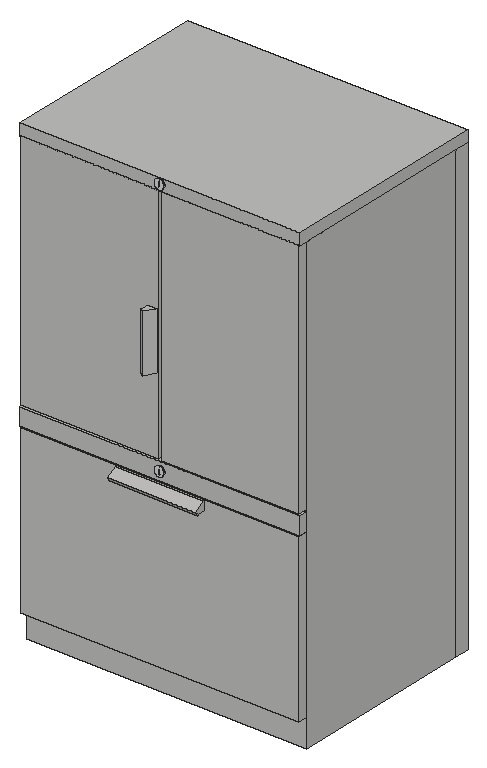
Revit family "Storage-Teknion-PLCS_Combo_Cabinet_Standard-R2015", category Furniture, Revit 2015
Parameters (values of type "Freestanding Three - High")
  Width [instance] = 24.0000"
  Warranty = "http://www.teknion.com/ca/papers/legal-canada"
  Unit Weight URL = "http://www.teknion.com/ca/tools/assets#&asset=bee6a381-b954-425e-8283-5a2de3a804f2,f828d448-4b62-4231-9e5f-9a8991c0ed77"
  URL = "www.teknion.com"
  Top Interpret Handle Datum [instance] = if(and(Drawer Combination Choice, Three High Configuration), 24.3185", if(and(not(Drawer Combination Choice), Three High Configuration), 25.6185", if(and(Drawer Combination Choice, not(Three High Configuration)), 33.6273", 36.0185")))  # 25.6185"
  Top District Handle Datum [instance] = if(and(Drawer Combination Choice, Three High Configuration), 23.6000", if(and(not(Drawer Combination Choice), Three High Configuration), 24.9000", if(and(Drawer Combination Choice, not(Three High Configuration)), 32.9010", 35.3000")))  # 24.9000"
  Lock Finish = Stainless Steel, Polished
  Interpret Handle Cutout 2 [instance] = if(and(Has Interpret Handle Style, Four High Configuration), 12.0000", 1.0000")  # 1.0000"
  Interpret Handle Cutout [instance] = if(Has Interpret Handle Style, 12.0000", 1.0000")  # 1.0000"
  Height = if(Three High Configuration, 40.0000", 48.0000")  # 40.0000"
  Has Interpret Handle Style [instance] = not(Has District Handle Style)  # no
  Has District Handle Style [instance] = yes
  Handle Interior Finish [instance] = Paint - Teknion - Accent - Mineral Teal
  Handle Exterior Finish [instance] = Paint - Teknion - Foundation - Crisp Grey
  Front Finish [instance] = Paint - Teknion - Foundation - Crisp Grey
  Drawer Split Length [instance] = if(Three High Configuration, 10.0000", if(Drawer Combination Choice, 11.2680", 12.9340"))  # 10.0000"
  Drawer Combination [instance] = if(and(Drawer Combination Choice, Three High Configuration), "File", if(and(not(Drawer Combination Choice), Three High Configuration), "Extra Large File", if(and(Drawer Combination Choice, not(Three High Configuration)), "File, File", "Large File, Extra Large File")))  # "Extra Large File"
  District Bottom Handle [instance] = and(Has District Handle Style, Four High Configuration)  # no
  Description = "Combo Cabinets - Standard Freestanding Three High"
  Combination Divider Height [instance] = if(and(Drawer Combination Choice, Three High Configuration), 14.9560", if(and(not(Drawer Combination Choice), Three High Configuration), 18.2000", if(and(Drawer Combination Choice, not(Three High Configuration)), 26.0900", 31.0000")))  # 18.2000"
  Case Finish [instance] = Paint - Teknion - Foundation - Crisp Grey
  Available Widths [instance] = "24, 30, 36, & 42 Inches."  # constant formula
  Four High Configuration = not(Three High Configuration)  # no
  Three High Configuration = yes
  Sustainability Data = "http://www.teknion.com/ca/tools/assets#&topic=216f99a5-57a0-44fc-b10a-9dee9b29ae4c&asset=444deb64-fe58-4b68-981e-f75e97781df7"
  Series = "Ledger Plus"  # constant formula
  Interpret Bottom Handle [instance] = and(not(Has District Handle Style), Four High Configuration)  # no
  Product Page URL = "http://www.teknion.com/ca/products/product-details?productlineid=1293336e-8e7a-673b-a6c8-ff00004460c4"
  Product Line = "Filing and Storage"  # constant formula
  Product Documentation Link = "http://www.teknion.com/pricing/filing-storage/pdfs/PLCS_ppg.pdf"
  Part Number = "PLCS"  # constant formula
  Model = "PLCSF3_"
  Manufacturer Phone = "416-661-3370"  # constant formula
  Manufacturer Fax = "416.661.4586"  # constant formula
  Manufacturer Contact Information = "http://www.teknion.com/ca/contactus"
  Manufacturer Address = "1150 Flint Road, Toronto, ON. M3J 2J5. Canada"  # constant formula
  Manufacturer = "Teknion"  # constant formula
  Drawer Combination Choice [instance] = no
  Depth [instance] = 18.0000"
  Available Depths [instance] = "18 & 20 Inches."  # constant formula
  Available Drawer Combination [instance] = if(Three High Configuration, "[checked]=File [un-checked]= Extra Large File", "[checked]=File, File  [un-checked]=Large File, Extra Large File")  # "[checked]=File [un-checked]= Extra Large File"
  Assembly Code = "E2020200"
Types (4): name | Width | Top Interpret Handle Datum | Top District Handle Datum | Height | Drawer Split Length | Drawer Combination | District Bottom Handle | Description | Combination Divider Height | Four High Configuration | Three High Configuration | Model | Drawer Combination Choice | Depth | Available Drawer Combination
  (no name) | 24.0000" | 25.6185" | 24.9000" | 40.0000" | 10.0000" | "Extra Large File" | no | "Combo Cabinets - Standard Freestanding Three High" | 18.2000" | no | yes | "PLCSF3_" | no | 18.0000" | "[checked]=File [un-checked]= Extra Large File"
  Freestanding Three - High | 24.0000" | 25.6185" | 24.9000" | 40.0000" | 10.0000" | "Extra Large File" | no | "Combo Cabinets - Standard Freestanding Three High" | 18.2000" | no | yes | "PLCSF3_" | no | 18.0000" | "[checked]=File [un-checked]= Extra Large File"
  Worksurface and Storage Supporting Three - High | 24.0000" | 24.3185" | 23.6000" | 40.0000" | 10.0000" | "File" | no | "Combo Cabinets - Standard Supporting Three High" | 14.9560" | no | yes | "PLCSW4_" | yes | 18.0000" | "[checked]=File [un-checked]= Extra Large File"
  Freestanding Four - High | 42.0000" | 36.0185" | 35.3000" | 48.0000" | 12.9340" | "Large File, Extra Large File" | yes | "Combo Cabinets - Standard Freestanding Four High" | 31.0000" | yes | no | "PLCSF4_" | no | 20.0000" | "[checked]=File, File  [un-checked]=Large File, Extra Large File"
Reference planes (in)
  plane 1 "Center Front/Back": y = 0
  plane 2: z = 0
  plane 3 "Center Left/Right": x = 0
  plane 4 "Left": x = -12
  plane 5 "Right": x = 12
  plane 6 "Back": y = 9
  plane 7 "Front": y = -9
  plane 8 "Top": z = 40
  plane 9 "Back Pannel Depth": y = 7.73
  plane 10 "Top Pannel Depth": z = 39
  plane 11 "Drawer Depth": y = -8.284
  plane 12 "Combination Divider Height": z = 18.2
  plane 13 "Combination Divider Depth": z = 16.7
  plane 14 "Void Space Cutout": z = 2.322
  plane 15 "Main Body Left Side Depth": x = -11.25
  plane 16 "Main Body Right Side Depth": x = 11.25
  plane 17 "Mid Drawer Split": z = 6.7
  plane 18 "Drawer Gap": z = 16.566
  plane 19 "Top District Handle Datum": z = 24.9
  plane 20 "Interpret Handle Cut Plane": y = -12
  plane 21 "Top Interpret Handle Datum": z = 25.6185
Forms (in)
  Extrusion 1, solid, material "Paint - Teknion - Foundation - Crisp Grey" <- "Case Finish"
    sketch origin (0, 0, 0) x (1, 0, 0) y (0, 1, 0)
      loop
        line (-12, 9) -> (-12, 7.73) -> (12, 7.73) -> (12, 9) -> (-12, 9)
    from 0 to 39
  Extrusion 2, solid, material "Paint - Teknion - Foundation - Crisp Grey" <- "Case Finish"
    sketch origin (0, 0, 0) x (1, 0, 0) y (0, 1, 0)
      loop
        line (-12, 7.73) -> (-12, -8.284) -> (12, -8.284) -> (12, 7.73) -> (-12, 7.73)
    from 0 to 39
  Extrusion 3, void
    sketch origin (0, 0, 2.322) x (-1, 0, 0) y (0, -1, 0)
      loop
        line (11.25, -7.73) -> (11.25, 8.284) -> (-11.25, 8.284) -> (-11.25, -7.73) -> (11.25, -7.73)
    from 0 to 36.678
  Extrusion 4, solid, material "Paint - Teknion - Foundation - Crisp Grey" <- "Case Finish"
    sketch origin (0, 0, 39) x (-1, 0, 0) y (0, -1, 0)
      loop
        line (12, -9) -> (12, 9) -> (-12, 9) -> (-12, -9) -> (12, -9)
    from 0 to 1
  Extrusion 5, solid, material "Paint - Teknion - Foundation - Crisp Grey" <- "Case Finish"
    sketch origin (0, 0, 16.7) x (-1, 0, 0) y (0, -1, 0)
      loop
        line (12, 8.284) -> (12, 9) -> (-12, 9) -> (-12, 8.284) -> (12, 8.284)
    from 0 to 1.5
  Extrusion 6, solid, material "Paint - Teknion - Foundation - Crisp Grey" <- "Front Finish"
    sketch origin (0, 0, 18.2) x (-1, 0, 0) y (0, -1, 0)
      loop
        line (11.9375, 8.284) -> (11.9375, 9) -> (0.125, 9) -> (0.125, 8.284) -> (11.9375, 8.284)
    from 0.1 to 20.8
  Extrusion 7, solid, material "Paint - Teknion - Foundation - Crisp Grey" <- "Front Finish"
    sketch origin (0, 0, 18.2) x (-1, 0, 0) y (0, -1, 0)
      loop
        line (-0.125, 8.284) -> (-0.125, 9) -> (-11.9375, 9) -> (-11.9375, 8.284) -> (-0.125, 8.284)
    from 0.1 to 20.8
  Extrusion 8, solid, material "Paint - Teknion - Foundation - Crisp Grey" <- "Front Finish", visible <- "Four High Configuration"
    sketch origin (0, 0, 2.322) x (-1, 0, 0) y (0, -1, 0)
      loop
        line (11.9375, 8.284) -> (11.9375, 9) -> (-11.9375, 9) -> (-11.9375, 8.284) -> (11.9375, 8.284)
    from 0 to 4.378
  Extrusion 9, solid, material "Paint - Teknion - Foundation - Crisp Grey" <- "Front Finish", visible <- "Four High Configuration"
    sketch origin (0, 0, 6.7) x (-1, 0, 0) y (0, -1, 0)
      loop
        line (11.9375, 8.284) -> (11.9375, 9) -> (-11.9375, 9) -> (-11.9375, 8.284) -> (11.9375, 8.284)
    from 0.134 to 9.866
  Extrusion 10, solid, material "Paint - Teknion - Foundation - Crisp Grey" <- "Front Finish", visible <- "Three High Configuration"
    sketch origin (0, 1, 2.322) x (-1, 0, 0) y (0, -1, 0)
      loop
        line (11.9375, 9.284) -> (11.9375, 10) -> (-11.9375, 10) -> (-11.9375, 9.284) -> (11.9375, 9.284)
    from 0 to 14.244
  Extrusion 11, solid, material "Paint - Teknion - Foundation - Crisp Grey" <- "Handle Exterior Finish", visible <- "Has District Handle Style"
    sketch origin (-0.1155, 0, 24.9) x (-1, 0, 0) y (0, -1, 0)
      loop
        line (0.55801, 9) -> (0.87021, 9)
        arc (0.87021, 9) -> (0.85036, 9.34625) -> (0.94976, 9.67853) r 1.00175
        line (0.94976, 9.67853) -> (0.625, 9.86603) -> (0.125, 9) -> (0.55801, 9)
    from 0 to 4.9546
  Extrusion 12, solid, material "Paint - Teknion - Foundation - Crisp Grey" <- "Handle Exterior Finish", visible <- "Has District Handle Style"
    sketch origin (0, 0.17124, 0.03449) x (0, 1, 0) y (0, 0, 1)
      loop
        line (-9.17124, 15.983) -> (-9.17124, 16.41601) -> (-10.03726, 15.91601) -> (-9.84976, 15.59125)
        arc (-9.84976, 15.59125) -> (-9.51749, 15.69065) -> (-9.17124, 15.6708) r 1.00175
        line (-9.17124, 15.6708) -> (-9.17124, 15.983)
    from -3.767 to 3.767
  Extrusion 13, void
    sketch origin (0, -12, 0) x (-1, 0, 0) y (0, 0, 1)
      loop
        line (0.125, 25.6185) -> (1.54, 25.6185)
        arc (1.54, 25.6185) -> (1.68142, 25.67708) -> (1.74, 25.8185) r 0.2
        line (1.74, 25.8185) -> (1.74, 31.4815)
        arc (1.74, 31.4815) -> (1.68142, 31.62292) -> (1.54, 31.6815) r 0.2
        line (1.54, 31.6815) -> (0.125, 31.6815) -> (0.125, 25.6185)
    from 0 to 1 <- "Interpret Handle Cutout"
  Extrusion 14, void
    sketch origin (0, -12, 0) x (-1, 0, 0) y (0, 0, 1)
      loop
        line (4.5315, 16.566) -> (-4.5315, 16.566) -> (-4.5315, 15.4185)
        arc (-4.5315, 15.4185) -> (-4.39457, 15.08793) -> (-4.064, 14.951) r 0.4675
        line (-4.064, 14.951) -> (4.064, 14.951)
        arc (4.064, 14.951) -> (4.39457, 15.08793) -> (4.5315, 15.4185) r 0.4675
        line (4.5315, 15.4185) -> (4.5315, 16.566)
    from 0 to 1 <- "Interpret Handle Cutout"
  Extrusion 15, void
    sketch origin (0, -12, 0) x (-1, 0, 0) y (0, 0, 1)
      loop
        line (4.5315, 6.7) -> (-4.5315, 6.7) -> (-4.5315, 5.5525)
        arc (-4.5315, 5.5525) -> (-4.39457, 5.22193) -> (-4.064, 5.085) r 0.4675
        line (-4.064, 5.085) -> (4.064, 5.085)
        arc (4.064, 5.085) -> (4.39457, 5.22193) -> (4.5315, 5.5525) r 0.4675
        line (4.5315, 5.5525) -> (4.5315, 6.7)
    from 0 to 1 <- "Interpret Handle Cutout 2"
  Extrusion 16, solid, material "Paint - Teknion - Foundation - Crisp Grey" <- "Handle Exterior Finish", visible <- "District Bottom Handle"
    sketch origin (0, 0, 0) x (0, 1, 0) y (0, 0, 1)
      loop
        line (-9, 6.15149) -> (-9, 6.5845) -> (-9.86603, 6.0845) -> (-9.67853, 5.75974)
        arc (-9.67853, 5.75974) -> (-9.34625, 5.85914) -> (-9, 5.83929) r 1.00175
        line (-9, 5.83929) -> (-9, 6.15149)
    from -3.767 to 3.767
  Extrusion 17, solid
    sketch origin (0, -9, 0) x (-1, 0, 0) y (0, 0, -1)
      loop
        circle (0, -39.53566) r 0.4
      loop
        line (0.06269, -39.75583) -> (0.06269, -39.31548) -> (-0.06269, -39.31548) -> (-0.06269, -39.75583) -> (0.06269, -39.75583)
    from 0 to 0.1
  Extrusion 18, solid, material "Paint - Teknion - Foundation - Crisp Grey" <- "Handle Exterior Finish", visible <- "Has Interpret Handle Style"
    sketch origin (0, -9, 0) x (-1, 0, 0) y (0, 0, -1)
      loop
        arc (1.5394, -31.768) -> (1.74199, -31.68409) -> (1.8259, -31.4815) r 0.2865
        line (1.8259, -31.4815) -> (1.8259, -25.8185)
        arc (1.8259, -25.8185) -> (1.74199, -25.61591) -> (1.5394, -25.532) r 0.2865
        line (1.5394, -25.532) -> (0.0764, -25.532) -> (0.0764, -31.768) -> (1.5394, -31.768)
    from 0 to 0.044
  Extrusion 19, solid, material "Paint - Teknion - Foundation - Crisp Grey" <- "Handle Exterior Finish", visible <- "Has Interpret Handle Style"
    sketch origin (0, -9, 0) x (-1, 0, 0) y (0, 0, -1)
      loop
        line (0.0764, -25.532) -> (0.0764, -31.768) -> (0.125, -31.768) -> (0.125, -31.6815) -> (1.54, -31.6815)
        arc (1.54, -31.6815) -> (1.68142, -31.62292) -> (1.74, -31.4815) r 0.2
        line (1.74, -31.4815) -> (1.74, -25.8185)
        arc (1.74, -25.8185) -> (1.68142, -25.67708) -> (1.54, -25.6185) r 0.2
        line (1.54, -25.6185) -> (0.125, -25.6185) -> (0.125, -25.532) -> (0.0764, -25.532)
    from -0.716 to 0
  Extrusion 20, void
    sketch origin (0, 0, 25.6185) x (-1, 0, 0) y (0, -1, 0)
      loop
        line (1.67595, 9.0621) -> (0.47224, 9.0621)
        arc (0.47224, 9.0621) -> (0.48921, 9.05337) -> (0.49198, 9.03449) r 0.02086
        line (0.49198, 9.03449) -> (0.49289, 8.93056) -> (0.46938, 8.89006) -> (0.43191, 8.8817) -> (0.39947, 8.86336) -> (0.35741, 8.81742) -> (0.30104, 8.72802) -> (0.26446, 8.59658) -> (0.26175, 8.37491) -> (1.59006, 8.37491) -> (1.58794, 8.57677) -> (1.58425, 8.62418) -> (1.56265, 8.69969) -> (1.52698, 8.77268) -> (1.48608, 8.82757) -> (1.44235, 8.87066) -> (1.40898, 8.8848) -> (1.36123, 8.91731) -> (1.3573, 8.94835) -> (1.39092, 8.97581) -> (1.67595, 9.0621)
    from 0.412 to 5.651
  Extrusion 21, solid, material "Paint - Teknion - Foundation - Crisp Grey" <- "Handle Exterior Finish", visible <- "Has Interpret Handle Style"
    sketch origin (0, -9, 0) x (-1, 0, 0) y (0, 0, -1)
      loop
        arc (4.618, -15.25893) -> (4.50265, -14.98045) -> (4.22417, -14.8651) r 0.39383
        line (4.22417, -14.8651) -> (-4.12448, -14.8651)
        arc (-4.12448, -14.8651) -> (-4.47345, -15.00965) -> (-4.618, -15.35862) r 0.49352
        line (-4.618, -15.35862) -> (-4.618, -16.6146) -> (4.618, -16.6146) -> (4.618, -15.25893)
    from 0 to 0.044
  Extrusion 22, solid, material "Paint - Teknion - Foundation - Crisp Grey" <- "Handle Exterior Finish", visible <- "Has Interpret Handle Style"
    sketch origin (0, -9, 0) x (-1, 0, 0) y (0, 0, -1)
      loop
        line (4.5315, -16.566) -> (4.5315, -15.4185)
        arc (4.5315, -15.4185) -> (4.39457, -15.08793) -> (4.064, -14.951) r 0.4675
        line (4.064, -14.951) -> (-4.064, -14.951)
        arc (-4.064, -14.951) -> (-4.39457, -15.08793) -> (-4.5315, -15.4185) r 0.4675
        line (-4.5315, -15.4185) -> (-4.5315, -16.566) -> (-4.618, -16.566) -> (-4.618, -16.6146) -> (4.09751, -16.6146) -> (4.09751, -16.566) -> (4.5315, -16.566)
    from -0.716 to 0
  Extrusion 23, void
    sketch origin (0, 0, 0) x (0, 1, 0) y (0, 0, 1)
      loop
        line (-9.0621, 15.01505) -> (-8.97581, 15.30008) -> (-8.94835, 15.3337) -> (-8.91731, 15.32977) -> (-8.8848, 15.28202) -> (-8.87066, 15.24865) -> (-8.82757, 15.20492) -> (-8.77268, 15.16402) -> (-8.69969, 15.12835) -> (-8.62418, 15.10675) -> (-8.57677, 15.10306) -> (-8.37491, 15.10094) -> (-8.37491, 16.42925) -> (-8.59658, 16.42654) -> (-8.72802, 16.38996) -> (-8.81742, 16.33359) -> (-8.86336, 16.29153) -> (-8.8817, 16.25909) -> (-8.89006, 16.22162) -> (-8.93056, 16.19811) -> (-9.03449, 16.19902)
        arc (-9.03449, 16.19902) -> (-9.05337, 16.20179) -> (-9.0621, 16.21876) r 0.02086
        line (-9.0621, 16.21876) -> (-9.0621, 15.01505)
    from -4.1195 to 4.1195
  Extrusion 24, solid, material "Paint - Teknion - Foundation - Crisp Grey" <- "Handle Exterior Finish", visible <- "Interpret Bottom Handle"
    sketch origin (0, -9, 0) x (-1, 0, 0) y (0, 0, -1)
      loop
        arc (4.618, -5.41604) -> (4.49588, -5.12122) -> (4.20106, -4.9991) r 0.41694
        line (4.20106, -4.9991) -> (-4.27936, -4.9991)
        arc (-4.27936, -4.9991) -> (-4.51882, -5.09828) -> (-4.618, -5.33774) r 0.33864
        line (-4.618, -5.33774) -> (-4.618, -6.7486) -> (4.618, -6.7486) -> (4.618, -5.41604)
    from 0 to 0.044
  Extrusion 25, solid, material "Paint - Teknion - Foundation - Crisp Grey" <- "Handle Exterior Finish", visible <- "Interpret Bottom Handle"
    sketch origin (0, -9, 0) x (-1, 0, 0) y (0, 0, -1)
      loop
        line (4.5315, -6.7) -> (4.5315, -5.5525)
        arc (4.5315, -5.5525) -> (4.39457, -5.22193) -> (4.064, -5.085) r 0.4675
        line (4.064, -5.085) -> (-4.064, -5.085)
        arc (-4.064, -5.085) -> (-4.39457, -5.22193) -> (-4.5315, -5.5525) r 0.4675
        line (-4.5315, -5.5525) -> (-4.5315, -6.7) -> (-4.618, -6.7) -> (-4.618, -6.7486) -> (4.618, -6.7486) -> (4.618, -6.7) -> (4.5315, -6.7)
    from -0.716 to 0
  Extrusion 26, void
    sketch origin (0, 0, 0) x (0, 1, 0) y (0, 0, 1)
      loop
        line (-9.0621, 5.14905) -> (-8.97581, 5.43408) -> (-8.94835, 5.4677) -> (-8.91731, 5.46377) -> (-8.8848, 5.41602) -> (-8.87066, 5.38265) -> (-8.82757, 5.33892) -> (-8.77268, 5.29802) -> (-8.69969, 5.26235) -> (-8.62418, 5.24075) -> (-8.57677, 5.23706) -> (-8.37491, 5.23494) -> (-8.37491, 6.56325) -> (-8.59658, 6.56054) -> (-8.72802, 6.52396) -> (-8.81742, 6.46759) -> (-8.86336, 6.42553) -> (-8.8817, 6.39309) -> (-8.89006, 6.35562) -> (-8.93056, 6.33211) -> (-9.03449, 6.33302)
        arc (-9.03449, 6.33302) -> (-9.05337, 6.33579) -> (-9.0621, 6.35276) r 0.02086
        line (-9.0621, 6.35276) -> (-9.0621, 5.14905)
    from -4.1195 to 4.1195
  Extrusion 27, solid
    sketch origin (0, -9, 0) x (-1, 0, 0) y (0, 0, -1)
      loop
        circle (0, -17.45) r 0.4
      loop
        line (0.0627, -17.66109) -> (0.0627, -17.23891) -> (-0.0627, -17.23891) -> (-0.0627, -17.66109) -> (0.0627, -17.66109)
    from 0 to 0.1
Cuts and joins
  Extrusion 3 cuts Extrusion 1
  Extrusion 3, Extrusion 15 cuts Extrusion 2
  Extrusion 13 cuts Extrusion 6
  Extrusion 13 cuts Extrusion 11
  Extrusion 14, Extrusion 20 cuts Extrusion 9
  Extrusion 14, Extrusion 15, Extrusion 20 cuts Extrusion 10
  Extrusion 14 cuts Extrusion 12
  Extrusion 15, Extrusion 20 cuts Extrusion 8
  Extrusion 20 cuts Extrusion 18
  Extrusion 20 cuts Extrusion 19
  joined: Extrusion 18, Extrusion 19
  Extrusion 20 cuts Extrusion 16
  Extrusion 23 cuts Extrusion 21
  Extrusion 23 cuts Extrusion 22
  joined: Extrusion 21, Extrusion 22
  Extrusion 26 cuts Extrusion 24
  Extrusion 26 cuts Extrusion 25
  joined: Extrusion 24, Extrusion 25
Lines and regions (in)
  Masking region 1
    outline origin (0, 0, 2.322) x (-1, 0, 0) y (0, -1, 0)
      loop
        line (12, -9) -> (12, 9) -> (1.25, 9) -> (-12, 9) -> (-12, -9) -> (12, -9)
  Masking region 2, visible <- "Has Interpret Handle Style"
    outline origin (0, 0, 2.322) x (-1, 0, 0) y (0, -1, 0)
      loop
        line (4.618, 9.044) -> (-4.618, 9.044) -> (-4.618, 9) -> (4.618, 9) -> (4.618, 9.044)
  Masking region 3, visible <- "Has District Handle Style"
    outline origin (0, 0, 2.322) x (-1, 0, 0) y (0, -1, 0)
      loop
        line (3.767, 9) -> (3.767, 9.86603) -> (-3.767, 9.86603) -> (-3.767, 9) -> (3.767, 9)
  symbolic lines, style "FurnitureHiddenLines", detail levels medium+fine
    curve 1: line (11.25, 7.73, 2.322) -> (11.25, -8.284, 2.322)
    curve 2: line (11.9375, -8.284, 2.322) -> (-11.9375, -8.284, 2.322)
    curve 3: line (-11.25, -8.284, 2.322) -> (-11.25, 7.73, 2.322)
    curve 4: line (-12, 7.73, 2.322) -> (12, 7.73, 2.322)
    curve 5: line (-11.9375, -8.284, 2.322) -> (-11.9375, -9, 2.322)
    curve 6: line (11.9375, -8.284, 2.322) -> (11.9375, -9, 2.322)
    curve 7: line (0.125, -8.284, 2.322) -> (0.125, -9, 2.322)
    curve 8: line (-0.125, -8.284, 2.322) -> (-0.125, -8.79995, 2.322)
  symbolic lines
    curve 9: line (-0.39983, -9, 2.322) -> (-0.39983, -9.1, 2.322)
    curve 10: line (-0.39983, -9.1, 2.322) -> (0.4, -9.1, 2.322)
    curve 11: line (0.4, -9.1, 2.322) -> (0.4, -9, 2.322)
  symbolic lines, visible <- "Has District Handle Style"
    curve 12: line (-0.7405, -9.86603, 2.322) -> (-0.2405, -9, 2.322)
    curve 13: line (-1.06526, -9.67853, 2.322) -> (-0.7405, -9.86603, 2.322)
    curve 14: arc (-0.98571, -9, 2.322) -> (-0.96586, -9.34625, 2.322) -> (-1.06526, -9.67853, 2.322) r 1.00175
  symbolic lines, style "FurnitureHiddenLines", visible <- "Has Interpret Handle Style", detail levels medium+fine
    curve 15: line (-4.618, -8.284, 2.322) -> (-4.618, -9, 2.322)
    curve 16: line (4.618, -8.284, 2.322) -> (4.618, -9, 2.322)
    curve 17: line (-1.8259, -9, 2.322) -> (-1.8259, -9.044, 2.322)
    curve 19: line (-0.0764, -8.284, 2.322) -> (-0.0764, -9.044, 2.322)
  symbolic lines, style "FurnitureHiddenLines", visible <- "Interpret Bottom Handle", detail levels medium+fine
    curve 18: line (-1.74, -9, 2.322) -> (-1.74, -8.284, 2.322)
  symbolic lines, style "FurnitureHiddenLines", visible <- "Has Interpret Handle Style", detail levels fine
    curve 20: line (-4.1195, -8.37491, 2.322) -> (-4.1195, -9.044, 2.322)
    curve 21: line (4.1195, -8.37491, 2.322) -> (-4.1195, -8.37491, 2.322)
    curve 22: line (4.1195, -9.044, 2.322) -> (4.1195, -8.37491, 2.322)
    curve 23: line (-1.59006, -8.37491, 2.322) -> (-1.58794, -8.57677, 2.322)
    curve 24: line (-1.58794, -8.57677, 2.322) -> (-1.58425, -8.62418, 2.322)
    curve 25: line (-1.58425, -8.62418, 2.322) -> (-1.56265, -8.69969, 2.322)
    curve 26: line (-1.56265, -8.69969, 2.322) -> (-1.52698, -8.77268, 2.322)
    curve 27: line (-1.52698, -8.77268, 2.322) -> (-1.48608, -8.82757, 2.322)
    curve 28: line (-1.48608, -8.82757, 2.322) -> (-1.44235, -8.87066, 2.322)
    curve 29: line (-1.44235, -8.87066, 2.322) -> (-1.40898, -8.8848, 2.322)
    curve 30: line (-1.40898, -8.8848, 2.322) -> (-1.36123, -8.91731, 2.322)
    curve 31: line (-1.36123, -8.91731, 2.322) -> (-1.3573, -8.94835, 2.322)
    curve 32: line (-1.3573, -8.94835, 2.322) -> (-1.39092, -8.97581, 2.322)
    curve 33: line (-1.39092, -8.97581, 2.322) -> (-1.61617, -9.044, 2.322)
    curve 34: line (-0.49198, -9.03449, 2.322) -> (-0.49289, -8.93056, 2.322)
    curve 35: line (-0.49289, -8.93056, 2.322) -> (-0.46938, -8.89006, 2.322)
    curve 36: line (-0.46938, -8.89006, 2.322) -> (-0.43191, -8.8817, 2.322)
    curve 37: line (-0.43191, -8.8817, 2.322) -> (-0.39947, -8.86336, 2.322)
    curve 38: line (-0.39947, -8.86336, 2.322) -> (-0.35741, -8.81742, 2.322)
    curve 39: line (-0.35741, -8.81742, 2.322) -> (-0.30104, -8.72802, 2.322)
    curve 40: line (-0.30104, -8.72802, 2.322) -> (-0.26446, -8.59658, 2.322)
    curve 41: line (-0.26446, -8.59658, 2.322) -> (-0.26175, -8.37491, 2.322)
  reference lines, not visible
    curve 42: line (-12, 9, 0) -> (-12, -9, 0)
    curve 43: line (-12, 9, 0) -> (12, 9, 0)
    curve 44: line (12, 9, 0) -> (12, -9, 0)
    curve 45: line (12, -9, 0) -> (-12, -9, 0)
Dimensions and locks (in)
  "Width": plane 4 "Left" to plane 5 "Right"
  "Depth": plane 6 "Back" to plane 7 "Front"
  "Height": plane 8 "Top" to level
  equal spacing: plane 7 "Front", plane 1 "Center Front/Back", plane 6 "Back"
  equal spacing: plane 4 "Left", plane 3 "Center Left/Right", plane 5 "Right"
  locked: plane 6 "Back" to plane 9 "Back Pannel Depth" at 1.27
  locked: plane 8 "Top" to plane 10 "Top Pannel Depth" at 1
  locked: plane 7 "Front" to plane 11 "Drawer Depth" at 0.716
  "Combination Divider Height": plane 12 "Combination Divider Height" to level
  locked: plane 12 "Combination Divider Height" to plane 13 "Combination Divider Depth" at 1.5
  locked: plane 4 "Left" to plane 15 "Main Body Left Side Depth" at 0.75
  locked: plane 16 "Main Body Right Side Depth" to plane 5 "Right" at 0.75
  locked: plane 14 "Void Space Cutout" to level at 2.322
  locked: plane 4 "Left" to Extrusion 6 sketch curve at 0.0625
  locked: Extrusion 6 sketch curve to plane 3 "Center Left/Right" at 0.125
  locked: plane 3 "Center Left/Right" to Extrusion 7 sketch curve at 0.125
  locked: Extrusion 7 sketch curve to plane 5 "Right" at 0.0625
  "Drawer Split Length": plane 13 "Combination Divider Depth" to plane 17 "Mid Drawer Split"
  locked: Extrusion 8 sketch curve to plane 5 "Right" at 0.0625
  locked: plane 4 "Left" to Extrusion 8 sketch curve at 0.0625
  locked: Extrusion 9 sketch curve to plane 5 "Right" at 0.0625
  locked: plane 4 "Left" to Extrusion 9 sketch curve at 0.0625
  locked: plane 13 "Combination Divider Depth" to plane 18 "Drawer Gap" at 0.134
  locked: plane 4 "Left" to Extrusion 10 sketch curve at 0.0625
  locked: Extrusion 10 sketch curve to plane 5 "Right" at 0.0625
  "Top District Handle Datum": plane 19 "Top District Handle Datum" to level
  locked: Extrusion 10 to plane 18 "Drawer Gap" at 0
  locked: Extrusion 10 to plane 7 "Front" at 0
  "Top Interpret Handle Datum": plane 21 "Top Interpret Handle Datum" to level
  locked: Extrusion 13 sketch curve to Extrusion 13 sketch curve at 6.063
  locked: Extrusion 13 sketch curve to Extrusion 13 sketch curve at 1.615
  locked: plane 20 "Interpret Handle Cut Plane" to plane 7 "Front" at 3
  locked: Extrusion 14 sketch curve to Extrusion 14 sketch curve at 1.615
  locked: Extrusion 14 sketch curve to Extrusion 14 sketch curve at 9.063
  locked: Extrusion 15 sketch curve to Extrusion 15 sketch curve at 1.615
  Extrusion 15 sketch curve to plane 3 "Center Left/Right" to Extrusion 15 sketch curve = 4.5315" locked, 4.5315" locked
  plane 17 "Mid Drawer Split" to Extrusion 16 sketch curve = 0.1155"
  locked: cut or joined group of Extrusion 8, Extrusion 15, Extrusion 20 to plane 7 "Front" at 0
  locked: plane 8 "Top" to Extrusion 17 sketch curve at 0.46434
  Extrusion 17 sketch curve to plane 3 "Center Left/Right" to Extrusion 17 sketch curve = 0.06269" locked, 0.06269" locked
  plane 8 "Top" to Extrusion 17 sketch curve to Extrusion 17 sketch curve = 0.24417" locked, 0.44035" locked
  locked: Extrusion 18 sketch curve to Extrusion 18 sketch curve at 6.236
  locked: Extrusion 18 sketch curve to Extrusion 18 sketch curve at 1.7495
  locked: plane 21 "Top Interpret Handle Datum" to Extrusion 18 sketch curve at 0.0865
  locked: Extrusion 18 sketch curve to plane 3 "Center Left/Right" at 0.0764
  locked: Extrusion 20 sketch curve to plane 3 "Center Left/Right" at 0.26175
  locked: plane 7 "Front" to Extrusion 20 sketch curve at 0.62509
  locked: Extrusion 21 sketch curve to Extrusion 21 sketch curve at 9.236
  locked: Extrusion 21 sketch curve to Extrusion 21 sketch curve at 1.7495
  locked: Extrusion 14 to Extrusion 21 sketch curve at 0.0865
  locked: Extrusion 21 sketch curve to plane 18 "Drawer Gap" at 0.0486
  locked: Extrusion 22 sketch curve to plane 18 "Drawer Gap" at 0
  locked: Extrusion 22 sketch curve to plane 3 "Center Left/Right" at 4.618
  locked: plane 18 "Drawer Gap" to Extrusion 23 sketch curve at 0.13675
  locked: Extrusion 23 sketch curve to plane 7 "Front" at 0.62509
  locked: Extrusion 24 sketch curve to Extrusion 24 sketch curve at 9.236
  locked: Extrusion 24 sketch curve to Extrusion 24 sketch curve at 1.7495
  locked: Extrusion 24 sketch curve to plane 17 "Mid Drawer Split" at 0.0486
  locked: Extrusion 25 sketch curve to plane 17 "Mid Drawer Split" at 0.0486
  locked: plane 17 "Mid Drawer Split" to Extrusion 26 sketch curve at 0.13675
  locked: Extrusion 26 sketch curve to plane 7 "Front" at 0.62509
  equal spacing: plane 12 "Combination Divider Height", Extrusion 27 sketch curve, plane 13 "Combination Divider Depth", locked at 0.75 each
  locked: Extrusion 27 sketch curve to Extrusion 27 sketch curve at 0.1254
  Extrusion 27 sketch curve to plane 3 "Center Left/Right" to Extrusion 27 sketch curve = 0.4000" locked, 0.4000"
  equal spacing: Extrusion 27 sketch curve, plane 3 "Center Left/Right", Extrusion 27 sketch curve, locked at 0.0627 each
  equal spacing: Extrusion 27 sketch curve, Extrusion 27 sketch curve, Extrusion 27 sketch curve, locked at 0.21109 each
  Extrusion 27 sketch curve to Extrusion 27 sketch curve = 0.42218"
  locked: curve 17 to plane 3 "Center Left/Right" at 1.8259
  locked: cut or joined group of Extrusion 6, Extrusion 13 to plane 12 "Combination Divider Height" at 0.1
  locked: Extrusion 7 to plane 12 "Combination Divider Height" at 0.1
  locked: cut or joined group of Extrusion 9, Extrusion 14, Extrusion 20 to plane 17 "Mid Drawer Split" at 0.134
  locked: plane 7 "Front" to Extrusion 27 at 0.1
  locked: plane 7 "Front" to Extrusion 17 at 0.1
  locked: Extrusion 11 sketch curve to plane 3 "Center Left/Right" at 0.2405
  locked: Extrusion 11 sketch curve to Extrusion 11 sketch curve at 1
  locked: Extrusion 11 sketch curve to Extrusion 11 sketch curve at 0.375
  locked: Extrusion 11 sketch curve to Extrusion 11 sketch curve at 0.3122
  locked: Extrusion 11 sketch curve to Extrusion 11 sketch curve at 0.43301
  locked: cut or joined group of Extrusion 11, Extrusion 13 to cut or joined group of Extrusion 11, Extrusion 13 at 4.9546
  locked: cut or joined group of Extrusion 24, Extrusion 25, Extrusion 26 to cut or joined group of Extrusion 24, Extrusion 25, Extrusion 26 at 0.044
  locked: cut or joined group of Extrusion 21, Extrusion 22, Extrusion 23 to cut or joined group of Extrusion 21, Extrusion 22, Extrusion 23 at 0.044
  locked: plane 3 "Center Left/Right" to Extrusion 14 sketch curve at 4.5315
  locked: Extrusion 22 sketch curve to Extrusion 22 sketch curve at 1.6636
  locked: Extrusion 22 sketch curve to Extrusion 22 sketch curve at 9.063
  plane 12 "Combination Divider Height" to Extrusion 22 = 3.2490"
  locked: cut or joined group of Extrusion 18, Extrusion 19, Extrusion 20 to cut or joined group of Extrusion 18, Extrusion 19, Extrusion 20 at 0.044
  locked: Extrusion 25 sketch curve to Extrusion 25 sketch curve at 9.063
  locked: Extrusion 25 sketch curve to Extrusion 25 sketch curve at 1.615
  locked: Extrusion 25 sketch curve to Extrusion 25 sketch curve at 0.0486
  locked: Extrusion 25 sketch curve to Extrusion 25 sketch curve at 9.236
  radius of cut or joined group of Extrusion 11, Extrusion 13 = 1.00175"
  radius of Extrusion 22 sketch curve = 0.4675"
  aligned and locked: level to plane 2
  aligned and locked: plane 10 "Top Pannel Depth" to Extrusion 1
  aligned and locked: plane 11 "Drawer Depth" to Extrusion 2 sketch curve
  aligned and locked: plane 5 "Right" to Extrusion 2 sketch curve
  aligned and locked: Extrusion 1 sketch curve to plane 6 "Back"
  aligned and locked: plane 4 "Left" to Extrusion 1 sketch curve
  aligned and locked: plane 9 "Back Pannel Depth" to Extrusion 1 sketch curve
  aligned and locked: plane 5 "Right" to Extrusion 1 sketch curve
  aligned and locked: plane 10 "Top Pannel Depth" to Extrusion 2
  aligned and locked: Extrusion 2 to level
  aligned and locked: Extrusion 1 to level
  aligned and locked: Extrusion 3 sketch curve to plane 16 "Main Body Right Side Depth"
  aligned and locked: Extrusion 3 sketch curve to plane 9 "Back Pannel Depth"
  aligned and locked: plane 15 "Main Body Left Side Depth" to Extrusion 3 sketch curve
  aligned and locked: plane 11 "Drawer Depth" to Extrusion 3 sketch curve
  aligned and locked: plane 10 "Top Pannel Depth" to Extrusion 3
  aligned and locked: Extrusion 4 sketch curve to plane 6 "Back"
  aligned and locked: plane 4 "Left" to Extrusion 4 sketch curve
  aligned and locked: Extrusion 4 sketch curve to plane 7 "Front"
  aligned and locked: plane 5 "Right" to Extrusion 4 sketch curve
  aligned and locked: plane 8 "Top" to Extrusion 4
  aligned and locked: plane 4 "Left" to Extrusion 5 sketch curve
  aligned and locked: Extrusion 5 sketch curve to plane 11 "Drawer Depth"
  aligned and locked: Extrusion 5 sketch curve to plane 7 "Front"
  aligned and locked: plane 5 "Right" to Extrusion 5 sketch curve
  aligned and locked: plane 12 "Combination Divider Height" to Extrusion 5
  aligned and locked: Extrusion 5 to plane 13 "Combination Divider Depth"
  aligned and locked: Extrusion 6 sketch curve to plane 11 "Drawer Depth"
  aligned and locked: Extrusion 6 sketch curve to plane 7 "Front"
  aligned and locked: plane 10 "Top Pannel Depth" to Extrusion 6
  aligned and locked: Extrusion 7 sketch curve to plane 11 "Drawer Depth"
  aligned and locked: Extrusion 7 sketch curve to plane 7 "Front"
  aligned and locked: plane 10 "Top Pannel Depth" to Extrusion 7
  aligned and locked: Extrusion 8 sketch curve to plane 11 "Drawer Depth"
  aligned and locked: Extrusion 8 sketch curve to plane 7 "Front"
  aligned and locked: plane 17 "Mid Drawer Split" to Extrusion 8
  aligned and locked: Extrusion 9 sketch curve to plane 11 "Drawer Depth"
  aligned and locked: Extrusion 9 sketch curve to plane 7 "Front"
  aligned and locked: plane 18 "Drawer Gap" to Extrusion 9
  aligned and locked: Extrusion 10 sketch curve to plane 11 "Drawer Depth"
  aligned and locked: Extrusion 10 sketch curve to plane 7 "Front"
  aligned and locked: Extrusion 10 to Extrusion 9
  aligned and locked: plane 21 "Top Interpret Handle Datum" to Extrusion 13 sketch curve
  aligned and locked: Extrusion 13 sketch curve to cut or joined group of Extrusion 6, Extrusion 13
  aligned and locked: Extrusion 15 sketch curve to plane 17 "Mid Drawer Split"
  aligned and locked: Extrusion 19 sketch curve to Extrusion 13  (x2)
  aligned and locked: cut or joined group of Extrusion 6, Extrusion 13 to Extrusion 19 sketch curve  (x2)
  aligned and locked: Extrusion 19 sketch curve to Extrusion 18  (x3)
  aligned and locked: Extrusion 19 sketch curve to plane 21 "Top Interpret Handle Datum"
  aligned and locked: plane 11 "Drawer Depth" to Extrusion 19
  aligned and locked: Extrusion 22 sketch curve to Extrusion 14
  aligned and locked: Masking region 1 sketch curve to plane 6 "Back"
  aligned and locked: plane 5 "Right" to Masking region 1 sketch curve
  aligned and locked: plane 4 "Left" to Masking region 1 sketch curve
  aligned and locked: Masking region 1 sketch curve to plane 7 "Front"
  aligned and locked: Masking region 3 sketch curve to cut or joined group of Extrusion 12, Extrusion 14  (x4)
  aligned and locked: curve 4 to plane 9 "Back Pannel Depth"
  aligned and locked: plane 15 "Main Body Left Side Depth" to curve 3
  aligned and locked: curve 1 to plane 16 "Main Body Right Side Depth"
  aligned and locked: plane 11 "Drawer Depth" to curve 2
  aligned and locked: curve 6 to Extrusion 7
  aligned and locked: curve 5 to cut or joined group of Extrusion 6, Extrusion 13
  aligned and locked: curve 7 to Extrusion 7
  aligned and locked: curve 8 to cut or joined group of Extrusion 6, Extrusion 13
  aligned and locked: Extrusion 17 to curve 10
  aligned and locked: curve 12 to cut or joined group of Extrusion 11, Extrusion 13
  aligned and locked: curve 13 to cut or joined group of Extrusion 11, Extrusion 13
  aligned and locked: curve 14 to cut or joined group of Extrusion 11, Extrusion 13
  aligned and locked: cut or joined group of Extrusion 6, Extrusion 13 to curve 18
  aligned and locked: curve 19 to cut or joined group of Extrusion 18, Extrusion 19, Extrusion 20
  aligned and locked: curve 20 to cut or joined group of Extrusion 21, Extrusion 22, Extrusion 23
  aligned and locked: curve 21 to cut or joined group of Extrusion 21, Extrusion 22, Extrusion 23
  aligned and locked: curve 22 to cut or joined group of Extrusion 21, Extrusion 22, Extrusion 23
  aligned and locked: curve 23 to cut or joined group of Extrusion 18, Extrusion 19, Extrusion 20
  aligned and locked: curve 24 to cut or joined group of Extrusion 18, Extrusion 19, Extrusion 20
  aligned and locked: curve 25 to cut or joined group of Extrusion 18, Extrusion 19, Extrusion 20
  aligned and locked: curve 26 to cut or joined group of Extrusion 18, Extrusion 19, Extrusion 20
  aligned and locked: curve 27 to cut or joined group of Extrusion 18, Extrusion 19, Extrusion 20
  aligned and locked: curve 28 to cut or joined group of Extrusion 18, Extrusion 19, Extrusion 20
  aligned and locked: curve 29 to cut or joined group of Extrusion 18, Extrusion 19, Extrusion 20
  aligned and locked: curve 30 to cut or joined group of Extrusion 18, Extrusion 19, Extrusion 20
  aligned and locked: curve 31 to cut or joined group of Extrusion 18, Extrusion 19, Extrusion 20
  aligned and locked: curve 32 to cut or joined group of Extrusion 18, Extrusion 19, Extrusion 20
  aligned and locked: curve 33 to cut or joined group of Extrusion 18, Extrusion 19, Extrusion 20
  aligned and locked: curve 34 to cut or joined group of Extrusion 18, Extrusion 19, Extrusion 20
  aligned and locked: curve 35 to cut or joined group of Extrusion 18, Extrusion 19, Extrusion 20
  aligned and locked: curve 36 to cut or joined group of Extrusion 18, Extrusion 19, Extrusion 20
  aligned and locked: curve 37 to cut or joined group of Extrusion 18, Extrusion 19, Extrusion 20
  aligned and locked: curve 38 to cut or joined group of Extrusion 18, Extrusion 19, Extrusion 20
  aligned and locked: curve 39 to cut or joined group of Extrusion 18, Extrusion 19, Extrusion 20
  aligned and locked: curve 42 to plane 4 "Left"
  aligned and locked: curve 45 to plane 7 "Front"
  aligned and locked: plane 5 "Right" to curve 44
  aligned and locked: curve 43 to plane 6 "Back"
  aligned and locked: Extrusion 4 to plane 10 "Top Pannel Depth"
  aligned and locked: Extrusion 10 to plane 14 "Void Space Cutout"
  aligned and locked: Extrusion 27 to plane 7 "Front"
  aligned and locked: Extrusion 17 to plane 7 "Front"
  aligned and locked: plane 9 "Back Pannel Depth" to Extrusion 2
  aligned and locked: Extrusion 11 to plane 19 "Top District Handle Datum"
  aligned and locked: Extrusion 24 to plane 7 "Front"
  aligned and locked: plane 11 "Drawer Depth" to Extrusion 25
  aligned and locked: plane 7 "Front" to Extrusion 25
  aligned and locked: Extrusion 21 to plane 7 "Front"
  aligned and locked: plane 7 "Front" to Extrusion 22
  aligned and locked: plane 11 "Drawer Depth" to Extrusion 22
  aligned and locked: plane 7 "Front" to Extrusion 19
  aligned and locked: plane 18 "Drawer Gap" to Extrusion 14 sketch curve
  aligned and locked: Extrusion 18 to plane 7 "Front"
Automatic sketch dimensions
  plane 7 "Front" to Extrusion 11 sketch curve = 0.0000"
  Extrusion 11 sketch curve to Extrusion 11 sketch curve = 0.32476"
  plane 7 "Front" to Extrusion 11 sketch curve = 0.22961"
  Extrusion 12 sketch curve to plane 7 "Front" = 0.0000"
  Extrusion 12 sketch curve to plane 18 "Drawer Gap" = 0.1155"
  plane 7 "Front" to Extrusion 12 sketch curve = 0.22961"
  plane 7 "Front" to Extrusion 12 sketch curve = 0.67853"
  Extrusion 12 sketch curve to plane 18 "Drawer Gap" = 0.6155"
  Extrusion 12 sketch curve to Extrusion 12 sketch curve = 0.1875"
  Extrusion 12 sketch curve to Extrusion 12 sketch curve = 0.89553"
  Extrusion 12 sketch curve to Extrusion 12 sketch curve = 0.3122"
  plane 21 "Top Interpret Handle Datum" to Extrusion 13 sketch curve = 0.2000"
  Extrusion 13 sketch curve to Extrusion 13 sketch curve = 0.2000"
  Extrusion 15 sketch curve to Extrusion 15 sketch curve = 0.4675"
  Extrusion 15 sketch curve to Extrusion 15 sketch curve = 1.1475"
  plane 7 "Front" to Extrusion 16 sketch curve = 0.86603"
  Extrusion 16 sketch curve to Extrusion 16 sketch curve = 0.1875"
  plane 7 "Front" to Extrusion 16 sketch curve = 0.22961"
  plane 7 "Front" to Extrusion 16 sketch curve = 0.0000"
  Extrusion 16 sketch curve to Extrusion 16 sketch curve = 0.89553"
  Extrusion 16 sketch curve to Extrusion 16 sketch curve = 0.32476"
  Extrusion 16 sketch curve to Extrusion 16 sketch curve = 0.3122"
  Extrusion 17 sketch curve to plane 3 "Center Left/Right" = 0.0000"
  Extrusion 18 sketch curve to Extrusion 18 sketch curve = 0.2865"
  Extrusion 18 sketch curve to plane 21 "Top Interpret Handle Datum" = 0.2000"
  Extrusion 19 sketch curve to Extrusion 19 sketch curve = 0.0486"
  Extrusion 19 sketch curve to plane 21 "Top Interpret Handle Datum" = 0.2000"
  Extrusion 19 sketch curve to Extrusion 19 sketch curve = 0.2000"
  Extrusion 20 sketch curve to Extrusion 20 sketch curve = 0.00271"
  Extrusion 20 sketch curve to Extrusion 20 sketch curve = 0.03657"
  Extrusion 20 sketch curve to Extrusion 20 sketch curve = 0.05637"
  Extrusion 20 sketch curve to plane 7 "Front" = 0.13664"
  Extrusion 20 sketch curve to Extrusion 20 sketch curve = 0.04206"
  Extrusion 20 sketch curve to plane 7 "Front" = 0.1183"
  Extrusion 20 sketch curve to Extrusion 20 sketch curve = 0.03244"
  Extrusion 20 sketch curve to plane 7 "Front" = 0.10994"
  Extrusion 20 sketch curve to Extrusion 20 sketch curve = 0.03747"
  plane 7 "Front" to Extrusion 20 sketch curve = 0.0621"
  Extrusion 20 sketch curve to Extrusion 20 sketch curve = 0.00286"
  plane 7 "Front" to Extrusion 20 sketch curve = 0.03449"
  Extrusion 20 sketch curve to Extrusion 20 sketch curve = 0.01974"
  Extrusion 20 sketch curve to plane 7 "Front" = 0.06944"
  Extrusion 20 sketch curve to Extrusion 20 sketch curve = 0.02351"
  Extrusion 20 sketch curve to plane 7 "Front" = 0.05165"
  Extrusion 20 sketch curve to Extrusion 20 sketch curve = 0.86441"
  Extrusion 20 sketch curve to plane 7 "Front" = 0.08269"
  Extrusion 20 sketch curve to Extrusion 20 sketch curve = 0.00394"
  Extrusion 20 sketch curve to plane 7 "Front" = 0.02419"
  Extrusion 20 sketch curve to Extrusion 20 sketch curve = 0.03363"
  Extrusion 20 sketch curve to plane 7 "Front" = 0.1152"
  Extrusion 20 sketch curve to Extrusion 20 sketch curve = 0.04775"
  Extrusion 20 sketch curve to plane 7 "Front" = 0.12934"
  Extrusion 20 sketch curve to Extrusion 20 sketch curve = 0.03337"
  Extrusion 20 sketch curve to plane 7 "Front" = 0.17243"
  Extrusion 20 sketch curve to Extrusion 20 sketch curve = 0.04373"
  Extrusion 20 sketch curve to plane 7 "Front" = 0.22732"
  Extrusion 20 sketch curve to Extrusion 20 sketch curve = 0.0409"
  Extrusion 20 sketch curve to plane 7 "Front" = 0.30031"
  Extrusion 20 sketch curve to Extrusion 20 sketch curve = 0.03567"
  Extrusion 20 sketch curve to plane 11 "Drawer Depth" = 0.34018"
  Extrusion 20 sketch curve to Extrusion 20 sketch curve = 0.0216"
  Extrusion 20 sketch curve to plane 11 "Drawer Depth" = 0.29277"
  Extrusion 20 sketch curve to Extrusion 20 sketch curve = 0.00369"
  Extrusion 20 sketch curve to Extrusion 20 sketch curve = 0.00211"
  Extrusion 20 sketch curve to Extrusion 20 sketch curve = 0.28503"
  Extrusion 20 sketch curve to Extrusion 20 sketch curve = 0.22167"
  Extrusion 20 sketch curve to Extrusion 20 sketch curve = 0.13144"
  Extrusion 20 sketch curve to Extrusion 20 sketch curve = 0.04595"
  Extrusion 21 sketch curve to Extrusion 21 sketch curve = 0.49352"
  Extrusion 21 sketch curve to Extrusion 21 sketch curve = 0.39383"
  plane 7 "Front" to Extrusion 23 sketch curve = 0.0621"
  Extrusion 23 sketch curve to Extrusion 23 sketch curve = 0.02086"
  Extrusion 23 sketch curve to Extrusion 23 sketch curve = 0.00674"
  Extrusion 23 sketch curve to Extrusion 23 sketch curve = 0.08628"
  Extrusion 23 sketch curve to Extrusion 23 sketch curve = 0.02746"
  Extrusion 23 sketch curve to Extrusion 23 sketch curve = 0.10393"
  Extrusion 23 sketch curve to Extrusion 23 sketch curve = 0.03105"
  Extrusion 23 sketch curve to Extrusion 23 sketch curve = 0.0405"
  Extrusion 23 sketch curve to Extrusion 23 sketch curve = 0.03251"
  Extrusion 23 sketch curve to Extrusion 23 sketch curve = 0.00836"
  Extrusion 23 sketch curve to Extrusion 23 sketch curve = 0.01413"
  Extrusion 23 sketch curve to Extrusion 23 sketch curve = 0.01834"
  Extrusion 23 sketch curve to Extrusion 23 sketch curve = 0.0431"
  Extrusion 23 sketch curve to Extrusion 23 sketch curve = 0.04595"
  Extrusion 23 sketch curve to Extrusion 23 sketch curve = 0.05489"
  Extrusion 23 sketch curve to Extrusion 23 sketch curve = 0.0894"
  Extrusion 23 sketch curve to Extrusion 23 sketch curve = 0.07299"
  Extrusion 23 sketch curve to Extrusion 23 sketch curve = 0.07551"
  Extrusion 23 sketch curve to Extrusion 23 sketch curve = 0.13144"
  Extrusion 23 sketch curve to Extrusion 23 sketch curve = 0.04741"
  Extrusion 23 sketch curve to Extrusion 23 sketch curve = 0.00211"
  Extrusion 23 sketch curve to Extrusion 23 sketch curve = 0.00369"
  Extrusion 23 sketch curve to Extrusion 23 sketch curve = 0.0216"
  Extrusion 23 sketch curve to Extrusion 23 sketch curve = 0.03567"
  Extrusion 23 sketch curve to Extrusion 23 sketch curve = 0.0409"
  Extrusion 23 sketch curve to Extrusion 23 sketch curve = 0.04373"
  Extrusion 23 sketch curve to Extrusion 23 sketch curve = 0.03337"
  Extrusion 23 sketch curve to Extrusion 23 sketch curve = 0.01806"
  Extrusion 23 sketch curve to Extrusion 23 sketch curve = 0.04775"
  Extrusion 23 sketch curve to Extrusion 23 sketch curve = 0.00394"
  Extrusion 23 sketch curve to Extrusion 23 sketch curve = 0.86441"
  Extrusion 23 sketch curve to Extrusion 23 sketch curve = 0.00091"
  Extrusion 23 sketch curve to Extrusion 23 sketch curve = 0.02351"
  Extrusion 23 sketch curve to Extrusion 23 sketch curve = 0.03747"
  Extrusion 23 sketch curve to Extrusion 23 sketch curve = 0.03244"
  Extrusion 23 sketch curve to Extrusion 23 sketch curve = 0.04206"
  Extrusion 23 sketch curve to Extrusion 23 sketch curve = 0.05637"
  Extrusion 23 sketch curve to Extrusion 23 sketch curve = 0.03657"
  Extrusion 23 sketch curve to Extrusion 23 sketch curve = 0.00271"
  Extrusion 23 sketch curve to Extrusion 23 sketch curve = 0.08589"
  Extrusion 24 sketch curve to Extrusion 24 sketch curve = 0.33864"
  Extrusion 24 sketch curve to Extrusion 24 sketch curve = 0.41694"
  Extrusion 26 sketch curve to Extrusion 26 sketch curve = 0.02086"
  Extrusion 26 sketch curve to Extrusion 26 sketch curve = 0.00674"
  Extrusion 26 sketch curve to Extrusion 26 sketch curve = 0.08628"
  Extrusion 26 sketch curve to Extrusion 26 sketch curve = 0.02746"
  Extrusion 26 sketch curve to Extrusion 26 sketch curve = 0.10393"
  Extrusion 26 sketch curve to Extrusion 26 sketch curve = 0.03105"
  Extrusion 26 sketch curve to Extrusion 26 sketch curve = 0.0405"
  Extrusion 26 sketch curve to Extrusion 26 sketch curve = 0.03251"
  Extrusion 26 sketch curve to Extrusion 26 sketch curve = 0.00836"
  Extrusion 26 sketch curve to Extrusion 26 sketch curve = 0.01413"
  Extrusion 26 sketch curve to Extrusion 26 sketch curve = 0.01834"
  Extrusion 26 sketch curve to Extrusion 26 sketch curve = 0.0431"
  Extrusion 26 sketch curve to Extrusion 26 sketch curve = 0.04595"
  Extrusion 26 sketch curve to Extrusion 26 sketch curve = 0.05489"
  Extrusion 26 sketch curve to Extrusion 26 sketch curve = 0.0894"
  Extrusion 26 sketch curve to Extrusion 26 sketch curve = 0.07299"
  Extrusion 26 sketch curve to Extrusion 26 sketch curve = 0.07551"
  Extrusion 26 sketch curve to Extrusion 26 sketch curve = 0.13144"
  Extrusion 26 sketch curve to Extrusion 26 sketch curve = 0.04741"
  Extrusion 26 sketch curve to Extrusion 26 sketch curve = 0.08589"
  Extrusion 26 sketch curve to Extrusion 26 sketch curve = 0.00211"
  Extrusion 26 sketch curve to Extrusion 26 sketch curve = 0.00369"
  Extrusion 26 sketch curve to Extrusion 26 sketch curve = 0.0216"
  Extrusion 26 sketch curve to Extrusion 26 sketch curve = 0.03567"
  Extrusion 26 sketch curve to Extrusion 26 sketch curve = 0.0409"
  Extrusion 26 sketch curve to Extrusion 26 sketch curve = 0.04373"
  Extrusion 26 sketch curve to Extrusion 26 sketch curve = 0.03337"
  Extrusion 26 sketch curve to Extrusion 26 sketch curve = 0.01806"
  Extrusion 26 sketch curve to Extrusion 26 sketch curve = 0.04775"
  Extrusion 26 sketch curve to Extrusion 26 sketch curve = 0.00394"
  Extrusion 26 sketch curve to Extrusion 26 sketch curve = 0.86441"
  Extrusion 26 sketch curve to Extrusion 26 sketch curve = 0.00091"
  Extrusion 26 sketch curve to Extrusion 26 sketch curve = 0.02351"
  Extrusion 26 sketch curve to Extrusion 26 sketch curve = 0.03747"
  Extrusion 26 sketch curve to Extrusion 26 sketch curve = 0.03244"
  Extrusion 26 sketch curve to Extrusion 26 sketch curve = 0.04206"
  Extrusion 26 sketch curve to Extrusion 26 sketch curve = 0.05637"
  Extrusion 26 sketch curve to Extrusion 26 sketch curve = 0.03657"
  Extrusion 26 sketch curve to Extrusion 26 sketch curve = 0.00271"
  plane 7 "Front" to Extrusion 26 sketch curve = 0.0621"
  Masking region 1 sketch curve to plane 3 "Center Left/Right" = 1.2500"
  curve 4 to plane 5 "Right" = 0.0000"
  plane 7 "Front" to curve 11 = 0.0000"
  plane 7 "Front" to curve 12 = 0.0000"
  plane 7 "Front" to curve 9 = 0.0000"
  plane 7 "Front" to curve 14 = 0.0000"
  curve 4 to plane 4 "Left" = 0.0000"
  plane 7 "Front" to curve 17 = 0.0000"
  plane 7 "Front" to curve 16 = 0.0000"
  plane 7 "Front" to curve 7 = 0.0000"
  plane 7 "Front" to curve 6 = 0.0000"
  plane 7 "Front" to curve 18 = 0.0000"
  plane 7 "Front" to curve 5 = 0.0000"
  plane 7 "Front" to curve 15 = 0.0000"
  curve 10 to curve 7 = 0.2750"
  curve 41 to curve 38 = 0.09295"
  curve 40 to plane 7 "Front" = 0.27198"
  curve 12 to curve 10 = 0.15933"
  curve 41 to curve 39 = 0.13144"
  curve 8 to curve 41 = 0.13675"
  plane 7 "Front" to curve 34 = 0.03449"
  plane 7 "Front" to curve 33 = 0.0440"
  curve 39 to curve 8 = 0.07193"
  plane 7 "Front" to curve 19 = 0.0440"
  plane 7 "Front" to curve 20 = 0.0440"
  plane 7 "Front" to curve 22 = 0.0440"
  curve 17 to curve 17 = 0.0440"
  Extrusion 2 sketch curve to plane 4 "Left" = 0.0000"
  Extrusion 2 sketch curve to plane 9 "Back Pannel Depth" = 0.0000"
  plane 7 "Front" to Masking region 2 sketch curve = 0.0000"
  plane 7 "Front" to Masking region 2 sketch curve = 0.0440"
  Extrusion 14 sketch curve to Extrusion 14 sketch curve = 0.4675"  (x2)
  Extrusion 22 sketch curve to plane 18 "Drawer Gap" = 0.0000"
  Extrusion 22 sketch curve to Extrusion 22 sketch curve = 0.4675"
  Extrusion 22 sketch curve to plane 18 "Drawer Gap" = 0.0486"
  Extrusion 22 sketch curve to Extrusion 22 sketch curve = 0.43399"
  Extrusion 24 sketch curve to plane 3 "Center Left/Right" = 4.6180"
  plane 3 "Center Left/Right" to Masking region 2 sketch curve = 4.6180"
  Masking region 2 sketch curve to plane 3 "Center Left/Right" = 4.6180"
  curve 16 to curve 21 = 0.4985"
  curve 20 to curve 15 = 0.4985"
  Extrusion 25 sketch curve to plane 17 "Mid Drawer Split" = 0.0000"
  Extrusion 25 sketch curve to plane 3 "Center Left/Right" = 4.6180"
  Extrusion 25 sketch curve to Extrusion 25 sketch curve = 0.0865"
  Extrusion 25 sketch curve to Extrusion 25 sketch curve = 0.4675"  (x2)
  radius of Extrusion 17 sketch curve = 0.4000"
